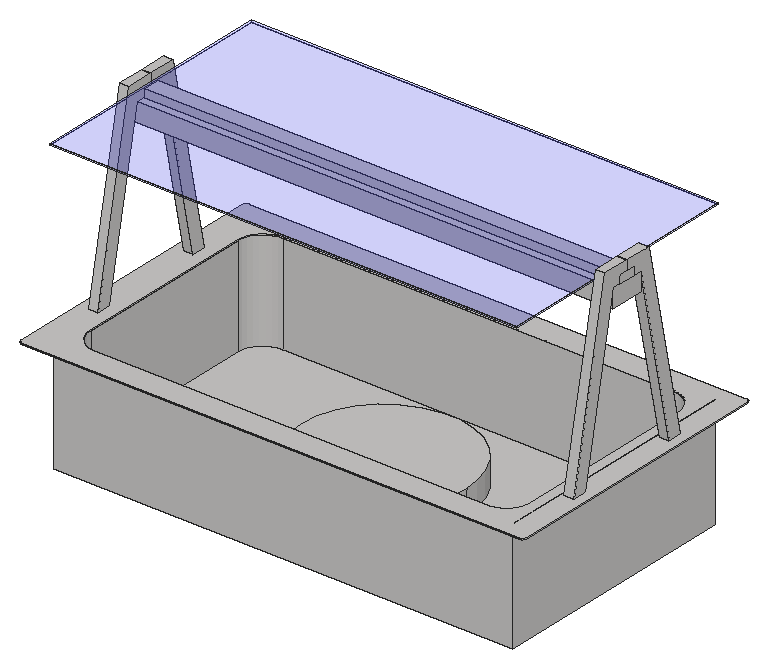
Revit family "QF_ELECTROLUXPROFESSIONAL_341160_D03C2", category Attrezzature speciali, Revit 2020
Family settings
  Quota connettore circolare = Usa diametro
  Tipo di parte = Normale
  Basato su piano di lavoro = No
  Sempre verticale = Sì
  Taglio con vuoti quando caricato = No
  Condiviso = No
  Punto di calcolo locali = No
Parameters (values of type "Standard")
  Weight = 46.80 kg
  Watts = 0 W
  Volts = 220 V
  URL Manufacturer = "https://www.electroluxprofessional.com/"
  URL = "https://www.electroluxprofessional.com/"
  Steam Supply Size = 0 mm
  Steam Supply Minimum Pressure = 0.0 Pa
  Steam Supply Maximum Pressure = 0.0 Pa
  Steam Consumption per Hour = 0
  Refrigeration Suction Line Size = 0 mm
  Refrigeration Liquid Line Size = 0 mm
  Refrigerant Compressor Remote = yes
  Prospetto di default = 0 mm
  Produttore = "Electrolux Professional"
  Phase = 1
  Modello = "D03C2"
  Length Actual = 1100 mm  # constant formula
  Item Number = "341160"
  Hot Water Size = 0 mm
  Height Actual = 680 mm  # constant formula
  HP = "0 HP"
  Gas Size = 0 mm
  Gas KW = 0
  Gas Input Pressure = 0 W
  Direct Waste Size = 0 mm
  Descrizione = "DROP-IN BAIN-MARIE, AIR VENTILATED, SINGLE WELL, 3GN WITH A TYPE OVERSHELF AND HALOGEN LAMP"
  Depth Actual = 620 mm  # constant formula
  Cycle = 50 Hz
  Condensate Return Size = 0 mm
  Compressed Air Volume = 0.0 L/s
  Compressed Air Size = 0 mm
  Compressed Air Pressure = 0.0 Pa
  Cold Water Size = 0 mm
  Accessory = yes
Reference planes
  plane 1 "BACK": y = 0
  plane 2: z = 5.426
  plane 3 "LEFT": x = 0
  plane 4: y = -620
  plane 5: z = 409.426
  plane 6: y = -310
  plane 7: x = 550
Forms (mm)
  Extrusion 1, solid, material "QF_Finishes_Stainless Steel"
    sketch origin (-320, 0, 5.426) x (1, 0, 0) y (0, 1, 0)
      loop
        arc (330, 0) -> (322.929, -2.929) -> (320, -10) r 10
        line (320, -10) -> (320, -610)
        arc (320, -610) -> (322.929, -617.071) -> (330, -620) r 10
        line (330, -620) -> (1410, -620)
        arc (1410, -620) -> (1417.071, -617.071) -> (1420, -610) r 10
        line (1420, -610) -> (1420, -10)
        arc (1420, -10) -> (1417.071, -2.929) -> (1410, 0) r 10
        line (1410, 0) -> (330, 0)
    from 0 to 1
  Extrusion 2, solid, material "QF_Finishes_Stainless Steel"
    sketch origin (0, 0, 12.548) x (1, 0, 0) y (0, 1, 0)
      loop
        line (50, -35) -> (50, -585) -> (1050, -585) -> (1050, -35) -> (50, -35)
    from -251.122 to -7.122
  Extrusion 3, void
    sketch origin (0, 0, -2.817) x (1, 0, 0) y (0, 1, 0)
      loop
        arc (125, -55) -> (86.109, -71.109) -> (70, -110) r 55
        line (70, -110) -> (70, -510)
        arc (70, -510) -> (86.109, -548.891) -> (125, -565) r 55
        line (125, -565) -> (975.082, -565)
        arc (975.082, -565) -> (1013.973, -548.891) -> (1030.082, -510) r 55
        line (1030.082, -510) -> (1030.082, -110)
        arc (1030.082, -110) -> (1013.973, -71.109) -> (975.082, -55) r 55
        line (975.082, -55) -> (125, -55)
    from -209.107 to 9.244
  Extrusion 4, solid, material "QF_Finishes_Stainless Steel"
    sketch origin (21.5, -620, 0) x (0, -1, 0) y (0, 0, -1)
      loop
        line (-310, -409.426) -> (-250.873, -409.426) -> (-165, -5.426) -> (-195, -5.426) -> (-272.583, -370.426) -> (-310, -370.426) -> (-310, -409.426)
    from 0 to 20
  Extrusion 5, solid, material "QF_Finishes_Stainless Steel"
    sketch origin (21.5, 0, 0) x (0, 1, 0) y (0, 0, 1)
      loop
        line (-310, 409.426) -> (-310, 370.426) -> (-272.583, 370.426) -> (-195, 5.426) -> (-165, 5.426) -> (-250.873, 409.426) -> (-310, 409.426)
    from 0 to 20
  Extrusion 6, solid, material "QF_Finishes_Stainless Steel"
    sketch origin (1077.726, -620, 0) x (0, -1, 0) y (0, 0, 1)
      loop
        line (-310, 409.426) -> (-310, 370.426) -> (-272.583, 370.426) -> (-195, 5.426) -> (-165, 5.426) -> (-250.873, 409.426) -> (-310, 409.426)
    from 0 to 20
  Extrusion 7, solid, material "QF_Finishes_Stainless Steel"
    sketch origin (1077.726, 0, 0) x (0, 1, 0) y (0, 0, -1)
      loop
        line (-310, -409.426) -> (-250.873, -409.426) -> (-165, -5.426) -> (-195, -5.426) -> (-272.583, -370.426) -> (-310, -370.426) -> (-310, -409.426)
    from 0 to 20
  Extrusion 8, solid, material "QF_Finishes_Stainless Steel"
    sketch origin (0, 0, 0) x (0, 1, 0) y (0, 0, 1)
      loop
        line (-291.292, 370.426) -> (-291.292, 387.956) -> (-328.917, 387.956) -> (-328.917, 370.426) -> (-291.292, 370.426)
    from 21.5 to 1077.726
  Extrusion 9, solid, material "Vetro"
    sketch origin (-14.94, 0, 5.426) x (1, 0, 0) y (0, 1, 0)
      loop
        line (56.94, -35) -> (56.94, -585) -> (1072.666, -585) -> (1072.666, -35) -> (56.94, -35)
    from 382.529 to 387.529
  Extrusion 10, solid, material "QF_Finishes_Stainless Steel"
    sketch origin (329.693, -341.308, -643.387) x (0, 0, -1) y (0, 1, 0)
      loop
        circle (-372.814, -140.692) r 12.7
    from 5 to 70.307
  Extrusion 11, solid, material "QF_Finishes_Stainless Steel"
    sketch origin (0, 0, 0) x (0, 1, 0) y (0, 0, 1)
      loop
        line (-272.583, 370.426) -> (-347.583, 370.426) -> (-347.583, 330.426) -> (-272.583, 330.426) -> (-272.583, 370.426)
    from 21.5 to 1077.726
  Extrusion 12, solid, material "QF_Finishes_Stainless Steel"
    sketch origin (34.947, 0, 0) x (0, 1, 0) y (0, 0, 1)
      loop
        line (-280.414, 330.426) -> (-340.414, 330.426) -> (-340.414, 325.426) -> (-280.414, 325.426) -> (-280.414, 330.426)
    from 113.553 to 313.553
  Extrusion 13, solid, material "QF_Finishes_Stainless Steel"
    sketch origin (769.053, 0, 0) x (0, 1, 0) y (0, 0, -1)
      loop
        line (-280.414, -330.426) -> (-280.414, -325.426) -> (-340.414, -325.426) -> (-340.414, -330.426) -> (-280.414, -330.426)
    from 113.553 to 313.553
  Extrusion 14, solid, material "QF_Finishes_Stainless Steel"
    sketch origin (0, 0, 5.426) x (1, 0, 0) y (0, 1, 0)
      loop
        circle (386.025, -481.971) r 12.675
    from -276 to -244
  Extrusion 15, solid, material "QF_Finishes_Stainless Steel"
    sketch origin (1565.693, 0, 22.375) x (-1, 0, 0) y (0, -1, 0)
      loop
        circle (1015.693, 310) r 180
    from -234.299 to -181.299
  Extrusion 16, solid, material "QF_Finishes_Stainless Steel"
    sketch origin (139.8, 0, 0.351) x (0, 1, 0) y (0, 0, 1)
      loop
        line (-161.185, -238.924) -> (-461.185, -238.924) -> (-461.185, -268.924) -> (-161.185, -268.924) -> (-161.185, -238.924)
    from 247.74 to 572.66
  Extrusion 17, solid, material "QF_Finishes_Stainless Steel"
    sketch origin (1076.053, 0, 0) x (0, 1, 0) y (0, 0, -1)
      loop
        line (-280.414, -330.426) -> (-280.414, -325.426) -> (-340.414, -325.426) -> (-340.414, -330.426) -> (-280.414, -330.426)
    from 113.553 to 313.553
Cuts and joins
  Extrusion 3 cuts Extrusion 1
  Extrusion 3 cuts Extrusion 2
Dimensions and locks
  equal spacing: Extrusion 1, Extrusion 2 sketch curve, Extrusion 2 sketch curve, Extrusion 1  (x2)
  Extrusion 1 to Extrusion 1 = 1100 mm
  Extrusion 1 to plane 1 "BACK" = 620 mm
  equal spacing: Extrusion 2, Extrusion 3 sketch curve, Extrusion 3 sketch curve, Extrusion 2  (x2)
  plane 5 to plane 2 = 404 mm
  Extrusion 11 sketch curve to cut or joined group of Extrusion 1, Extrusion 3 = 324 mm
  equal spacing: plane 3 "LEFT", plane 7, cut or joined group of Extrusion 1, Extrusion 3
  aligned and locked: level to plane 2
Automatic sketch dimensions
  Extrusion 1 sketch curve to plane 3 "LEFT" = 0 mm
  plane 4 to Extrusion 1 sketch curve = 0 mm
  plane 1 "BACK" to Extrusion 1 sketch curve = 0 mm
  plane 3 "LEFT" to Extrusion 1 sketch curve = 10 mm  (x2)
  Extrusion 1 sketch curve to Extrusion 1 sketch curve = 1080 mm
  Extrusion 1 sketch curve to Extrusion 1 sketch curve = 0 mm
  plane 1 "BACK" to Extrusion 1 sketch curve = 10 mm
  plane 3 "LEFT" to Extrusion 2 sketch curve = 50 mm
  Extrusion 2 sketch curve to plane 4 = 35 mm
  Extrusion 2 sketch curve to Extrusion 2 sketch curve = 1000 mm
  plane 1 "BACK" to Extrusion 2 sketch curve = 35 mm
  plane 3 "LEFT" to Extrusion 3 sketch curve = 70 mm
  Extrusion 3 sketch curve to Extrusion 3 sketch curve = 55 mm  (x3)
  Extrusion 3 sketch curve to plane 4 = 55 mm
  Extrusion 3 sketch curve to Extrusion 3 sketch curve = 850.082 mm
  plane 1 "BACK" to Extrusion 3 sketch curve = 110 mm
  Extrusion 3 sketch curve to Extrusion 3 sketch curve = 0 mm
  Extrusion 4 sketch curve to plane 6 = 0 mm
  plane 5 to Extrusion 4 sketch curve = 0 mm
  Extrusion 4 sketch curve to level = 0 mm
  Extrusion 4 sketch curve to Extrusion 4 sketch curve = 37.417 mm
  Extrusion 4 sketch curve to Extrusion 4 sketch curve = 21.71 mm
  plane 6 to Extrusion 4 sketch curve = 115 mm
  Extrusion 4 sketch curve to Extrusion 4 sketch curve = 30 mm
  Extrusion 4 sketch curve to Extrusion 4 sketch curve = 39 mm
  Extrusion 5 sketch curve to plane 6 = 0 mm
  plane 5 to Extrusion 5 sketch curve = 0 mm
  Extrusion 5 sketch curve to level = 0 mm
  Extrusion 5 sketch curve to Extrusion 5 sketch curve = 37.417 mm
  Extrusion 5 sketch curve to Extrusion 5 sketch curve = 21.71 mm
  plane 6 to Extrusion 5 sketch curve = 115 mm
  Extrusion 5 sketch curve to Extrusion 5 sketch curve = 30 mm
  Extrusion 5 sketch curve to Extrusion 5 sketch curve = 39 mm
  Extrusion 6 sketch curve to plane 6 = 0 mm
  plane 5 to Extrusion 6 sketch curve = 0 mm
  Extrusion 6 sketch curve to level = 0 mm
  Extrusion 6 sketch curve to Extrusion 6 sketch curve = 37.417 mm
  Extrusion 6 sketch curve to Extrusion 6 sketch curve = 21.71 mm
  Extrusion 6 sketch curve to plane 6 = 115 mm
  Extrusion 6 sketch curve to Extrusion 6 sketch curve = 30 mm
  Extrusion 6 sketch curve to Extrusion 6 sketch curve = 39 mm
  Extrusion 7 sketch curve to plane 6 = 0 mm
  plane 5 to Extrusion 7 sketch curve = 0 mm
  Extrusion 7 sketch curve to level = 0 mm
  Extrusion 7 sketch curve to Extrusion 7 sketch curve = 37.417 mm
  Extrusion 7 sketch curve to Extrusion 7 sketch curve = 21.71 mm
  plane 6 to Extrusion 7 sketch curve = 115 mm
  Extrusion 7 sketch curve to Extrusion 7 sketch curve = 30 mm
  Extrusion 7 sketch curve to Extrusion 7 sketch curve = 39 mm
  Extrusion 8 sketch curve to plane 6 = 18.917 mm
  plane 6 to Extrusion 8 sketch curve = 18.708 mm
  plane 5 to Extrusion 8 sketch curve = 39 mm
  Extrusion 8 sketch curve to Extrusion 8 sketch curve = 17.529 mm
  plane 3 "LEFT" to Extrusion 9 sketch curve = 42 mm
  Extrusion 9 sketch curve to plane 4 = 35 mm
  Extrusion 9 sketch curve to Extrusion 9 sketch curve = 1015.726 mm
  plane 1 "BACK" to Extrusion 9 sketch curve = 35 mm
  Extrusion 10 sketch curve to level = 276 mm
  Extrusion 10 sketch curve to plane 4 = 138 mm
  Extrusion 11 sketch curve to plane 6 = 37.583 mm
  plane 6 to Extrusion 11 sketch curve = 37.417 mm
  plane 5 to Extrusion 11 sketch curve = 39 mm
  Extrusion 12 sketch curve to plane 6 = 30.414 mm
  plane 6 to Extrusion 12 sketch curve = 29.586 mm
  plane 5 to Extrusion 12 sketch curve = 84 mm
  Extrusion 12 sketch curve to Extrusion 12 sketch curve = 5 mm
  Extrusion 13 sketch curve to plane 6 = 30.414 mm
  plane 6 to Extrusion 13 sketch curve = 29.586 mm
  plane 5 to Extrusion 13 sketch curve = 79 mm
  Extrusion 13 sketch curve to Extrusion 13 sketch curve = 5 mm
  Extrusion 14 sketch curve to plane 4 = 138.029 mm
  plane 3 "LEFT" to Extrusion 14 sketch curve = 386.025 mm
  Extrusion 15 sketch curve to plane 6 = 0 mm
  plane 3 "LEFT" to Extrusion 15 sketch curve = 550 mm
  Extrusion 16 sketch curve to plane 6 = 151.185 mm
  plane 6 to Extrusion 16 sketch curve = 148.815 mm
  Extrusion 16 sketch curve to level = 274 mm
  Extrusion 16 sketch curve to Extrusion 16 sketch curve = 30 mm
  Extrusion 17 sketch curve to plane 6 = 30.414 mm
  plane 6 to Extrusion 17 sketch curve = 29.586 mm
  plane 5 to Extrusion 17 sketch curve = 79 mm
  Extrusion 17 sketch curve to Extrusion 17 sketch curve = 5 mm
  radius of Extrusion 10 sketch curve = 12.7 mm
  radius of Extrusion 14 sketch curve = 12.675 mm
  radius of Extrusion 15 sketch curve = 180 mm
Connectors
  piping at (334.693, -482, -270.574), diameter 25.4
    settings: on Extrusion 10, index 5, connector inside diameter 609.6 mm, connector length 0 mm, flow factor 0, pipe flow 0.0 L/s, pressure drop 0.0 Pa, fitting loss kfactor 0, connector angle 0.00°, fixture units 0, engagement length 0 mm, angle of deflection 0.00°, flow configuration 0, flow direction 0, fitting loss method 0, system type 29, joint type 0, gender type 0, connector reference index -1, connector utility 0, adjustable connector no, is connector primary yes, connector description "D"
